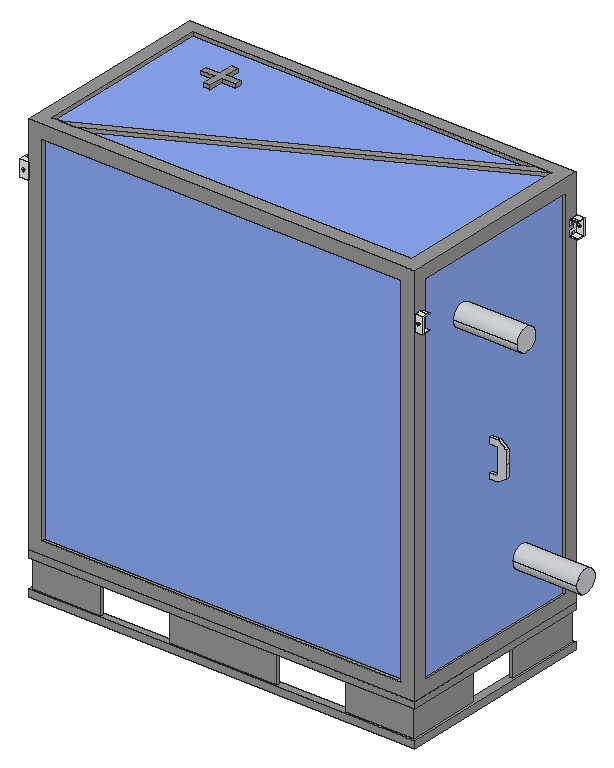
Revit family "7. Приточная секция рекуператора с пром. тепл. ANR G1", category Оборудование, Revit 2016
Family settings
  Тип детали = Нормальный
  Размер круглого соединителя = Использовать диаметр
  На основе рабочей плоскости = Нет
  Всегда вертикально = Да
  При загрузке вырезать с полостями = Нет
  Общий = Нет
  Точка расчета площади = Нет
Parameters (values of type "ANR 6 G1")
  значок [instance] = yes
  Ширина = А - 75 mm  # 1025 mm
  Синий = Синий
  Середина = h + Б1 / 2  # 670 mm
  Резьбовое соединение, дюймы = "G2 1/2''"
  Размер В = 710 mm
  И = 135 mm
  Заправочный объем, л = 27.20 m³
  Д1 = Д - 20 mm  # 555 mm
  Д патрубков = 63.5 mm
  Д = 575 mm  # constant formula
  ножки(да/нет) [instance] = no
  Г = 212 mm
  Высота = Б - 75 mm  # 1025 mm
  Б1 = Б - 20 mm  # 1080 mm
  А1 = А - 20 mm  # 1080 mm
  А = 1100 mm
  высота ножек = 120 mm
  Б = 1100 mm
  Частотный преобразователь [instance] = no
  Частота вращения n, об/мин = ""
  Тип, марка, обозначение = "ANR 6 G1"
  Сила тока J, А = ""
  Регулятор расхода [instance] = no
  Раздел = "ОВ"
  Примечание = ""
  Позиция = ""
  Напряжение U,В = ""
  Наименование и тех.хар-ка = "Приточная секция рекуператора с промежуточным теплоносителем"  # constant formula
  Мощность двигателя N,Вт = ""
  Материал = RAL 0000 Серый металл
  Масса единицы = ""
  Код, оборудования = ""
  Ключевая пометка = "Вентиляция"
  Задание электрикам [instance] = no
  Задание автоматчикам [instance] = no
  Завод изготовитель = "KORF"  # constant formula
  Единица измерения = "шт."  # constant formula
  h = высота ножек + 10 mm  # 130 mm
Types (8, lengths in mm): name | Ширина | Середина | Резьбовое соединение, дюймы | Размер В | И | Заправочный объем, л | Д патрубков | Г | Высота | Б1 | А1 | А | Б | Тип, марка, обозначение | Материал
  ANR 6 G1 | 1025 | 670 | "G2 1/2''" | 710 | 135 | 27.20 m³ | 63.5 | 212 | 1025 | 1080 | 1080 | 1100 | 1100 | "ANR 6 G1" | RAL 0000 Серый металл
  ANR 7 G1 | 1025 | 780 | "G3''" | 944 | 115 | 38.80 m³ | 76.2 | 212 | 1245 | 1300 | 1080 | 1100 | 1320 | "ANR 7 G1" | Сталь серая
  ANR 8 G1 | 1245 | 780 | "G3''" | 944 | 115 | 45.20 m³ | 76.2 | 212 | 1245 | 1300 | 1300 | 1320 | 1320 | "ANR 8 G1" | Сталь серая
  ANR 20 G1 | 1585 | 950 | "G3''" | 1294 | 115 | 84.30 m³ | 50.8 | 212 | 1585 | 1640 | 1640 | 1660 | 1660 | "ANR 20 G1" | Сталь серая
  ANR 25 G1 | 1970 | 1142.5 | "G4''" | 1653 | 115 | 48.60 m³ | 101.6 | 182 | 1970 | 2025 | 2025 | 2045 | 2045 | "ANR 25 G1" | Сталь серая
  ANR 30 G1 | 2410 | 1142.5 | "G4''" | 1653 | 115 | 149.30 m³ | 63.5 | 182 | 1970 | 2025 | 2465 | 2485 | 2045 | "ANR 30 G1" | Сталь серая
  ANR 35 G1 | 2410 | 1362.5 | "G4''" | 2095 | 115 | 188.10 m³ | 101.6 | 182 | 2410 | 2465 | 2465 | 2485 | 2485 | "ANR 35 G1" | Сталь серая
  ANR 12 G1 | 1360 | 837.5 | "G3''" | 1069 | 115 | 54.70 m³ | 76.2 | 212 | 1360 | 1415 | 1415 | 1435 | 1435 | "ANR 12 G1" | Сталь серая
Reference planes
  plane 1 "По центру (Вперед/Назад)": y = 0
  plane 2: z = 0
  plane 3 "По центру (Влево/Вправо)": x = 0
  plane 4: x = -540
  plane 5: x = 540
  plane 6: y = 277.5
  plane 7: y = -277.5
  plane 8: z = 1210
  plane 9: z = 130
  plane 10: y = -70.418
  plane 11: z = 670
  plane 12: z = 1110
  plane 13: x = 574.5
  plane 14: x = 590
  plane 15: z = 1025
  plane 16: z = 315
  plane 17: y = -106
  plane 18: y = 106
  plane 19: y = 70.418
  plane 20: x = 724
Forms (mm)
  Extrusion 1, solid, material "Синий" <- "Синий", detail levels fine
    sketch origin (0, 0, 50) x (1, 0, 0) y (0, 1, 0)
      loop
        line (-540, 277.5) -> (-540, -277.5) -> (540, -277.5) -> (540, 277.5) -> (-540, 277.5)
    from 80 to 1160
  Sweep 2, solid, material "RAL 0000 Серый металл" <- "Материал", detail levels fine
    path origin (540, -277.5, 50) x (-1, 0, 0) y (0, 0, -1)
      loop
        line (0, -1160) -> (1080, -1160) -> (1080, -80) -> (0, -80) -> (0, -1160)
    profile "Профиль уголок 10х10 : Профиль уголок 10х10" origin (0, -277.5, 1210) x (0, 0, -1) y (0, -1, 0)
      loop
        line (0, -27.5) -> (0, 0) -> (27.5, 0) -> (27.5, 10) -> (-10, 10) -> (-10, -27.5) -> (0, -27.5)
  Sweep 3, solid, material "RAL 0000 Серый металл" <- "Материал", detail levels fine
    path origin (-540, 277.5, 50) x (1, 0, 0) y (0, 0, -1)
      loop
        line (0, -1160) -> (1080, -1160) -> (1080, -80) -> (0, -80) -> (0, -1160)
    profile "Профиль уголок 10х10 : Профиль уголок 10х10" origin (0, 277.5, 1210) x (0, 0, -1) y (0, 1, 0)
      loop
        line (0, -27.5) -> (0, 0) -> (27.5, 0) -> (27.5, 10) -> (-10, 10) -> (-10, -27.5) -> (0, -27.5)
  Sweep 4, solid, material "RAL 0000 Серый металл" <- "Материал", detail levels fine
    path origin (540, 277.5, 50) x (0, -1, 0) y (0, 0, -1)
      loop
        line (0, -1160) -> (555, -1160) -> (555, -80) -> (0, -80) -> (0, -1160)
    profile "Профиль уголок 10х10 : Профиль уголок 10х10" origin (540, 0, 1210) x (0, 0, -1) y (1, 0, 0)
      loop
        line (0, -27.5) -> (0, 0) -> (27.5, 0) -> (27.5, 10) -> (-10, 10) -> (-10, -27.5) -> (0, -27.5)
  Sweep 5, solid, material "RAL 0000 Серый металл" <- "Материал", detail levels fine
    path origin (-540, -277.5, 50) x (0, 1, 0) y (0, 0, -1)
      loop
        line (0, -1160) -> (555, -1160) -> (555, -80) -> (0, -80) -> (0, -1160)
    profile "Профиль уголок 10х10 : Профиль уголок 10х10" origin (-540, 0, 1210) x (0, 0, -1) y (-1, 0, 0)
      loop
        line (0, -27.5) -> (0, 0) -> (27.5, 0) -> (27.5, 10) -> (-10, 10) -> (-10, -27.5) -> (0, -27.5)
  Extrusion 6, void, not visible
    sketch origin (-345, -245, 50) x (0, -1, 0) y (0, 0, -1)
      loop
        line (-477.965, -475) -> (-477.965, -450) -> (-528.913, -450) -> (-528.913, -475) -> (-477.965, -475)
    from -47.452 to 12
  Sweep 7, solid, material "RAL 0000 Серый металл" <- "Материал", detail levels fine
    path origin (0, 0, 0) x (1, 0, 0) y (0, 1, 0)
      loop
        line (-540, 277.5) -> (-540, -277.5) -> (540, -277.5) -> (540, 277.5) -> (-540, 277.5)
    profile "Семейство1 : Семейство1" origin (0, 277.5, 0) x (0, 1, 0) y (0, 0, 1)
      loop
        line (-10, 120) -> (-10, 100) -> (-3.38, 100) -> (-3.38, 20) -> (-10, 20) -> (-10, 0) -> (10, 0) -> (10, 20) -> (3.38, 20) -> (3.38, 100) -> (10, 100) -> (10, 120) -> (-10, 120)
  Extrusion 8, void
    sketch origin (0, 0, 0) x (1, 0, 0) y (0, 0, 1)
      loop
        line (152.369, 100) -> (152.369, 20) -> (348.798, 20) -> (348.798, 100) -> (152.369, 100)
      loop
        line (-152.369, 100) -> (-348.798, 100) -> (-348.798, 20) -> (-152.369, 20) -> (-152.369, 100)
    from -287.5 to 287.5
  Extrusion 9, void
    sketch origin (0, 0, 0) x (0, 1, 0) y (0, 0, 1)
      loop
        line (-70.418, 100) -> (-70.418, 20) -> (70.418, 20) -> (70.418, 100) -> (-70.418, 100)
    from -550 to 1700
  Extrusion 10, solid, detail levels fine
    sketch origin (0, -0.301, -57.057) x (0, 1, 0) y (0, 0, 1)
      loop
        circle (-106, 1082.5) r 31.75
    from 540 to 724
  Extrusion 11, solid, detail levels fine
    sketch origin (0, 95.79, -1039.72) x (0, 1, 0) y (0, 0, 1)
      loop
        circle (9.689, 1355.365) r 31.75
    from 540 to 724
  Extrusion 12, solid, material "RAL 0000 Серый металл" <- "Материал", visible <- "значок", detail levels fine
    sketch origin (10, 0, 0) x (1, 0, 0) y (0, 1, 0)
      loop
        line (-499.847, -250) -> (-457.663, -250) -> (498.859, 250) -> (456.674, 250) -> (-499.847, -250)
      loop
        line (-398.202, 143.277) -> (-398.202, 125.413) -> (-358.202, 125.413) -> (-358.202, 85.413) -> (-340.804, 85.413) -> (-340.804, 125.413) -> (-300.804, 125.413) -> (-300.804, 143.277) -> (-340.804, 143.277) -> (-340.804, 183.277) -> (-358.202, 183.277) -> (-358.202, 143.277) -> (-398.202, 143.277)
    from 779.565 to 1220
  Extrusion 13, solid, detail levels coarse
    sketch origin (0, 0, 0) x (1, 0, 0) y (0, 1, 0)
      loop
        line (-348.202, 183.277) -> (-348.202, 143.277) -> (-388.202, 143.277) -> (-388.202, 125.413) -> (-348.202, 125.413) -> (-348.202, 85.413) -> (-330.804, 85.413) -> (-330.804, 125.413) -> (-290.804, 125.413) -> (-290.804, 143.277) -> (-330.804, 143.277) -> (-330.804, 183.277) -> (-348.202, 183.277)
    from 0 to 2
Cuts and joins
  joined: Sweep 2, Sweep 3, Sweep 4, Sweep 5
  Extrusion 8, Extrusion 9 cuts Sweep 7
Lines and regions (mm)
  model lines, detail levels coarse
    curve 1: line (-550, 287.5, 0) -> (550, 287.5, 0)
    curve 2: line (-550, -287.5, 0) -> (-550, 287.5, 0)
    curve 3: line (550, -287.5, 0) -> (-550, -287.5, 0)
    curve 4: line (550, 287.5, 0) -> (550, -287.5, 0)
    curve 5: line (-348.202, 183.277, 0) -> (-348.202, 143.277, 0)
    curve 6: line (-348.202, 143.277, 0) -> (-388.202, 143.277, 0)
    curve 7: line (-388.202, 143.277, 0) -> (-388.202, 125.413, 0)
    curve 8: line (-388.202, 125.413, 0) -> (-348.202, 125.413, 0)
    curve 9: line (-348.202, 125.413, 0) -> (-348.202, 85.413, 0)
    curve 10: line (-348.202, 85.413, 0) -> (-330.804, 85.413, 0)
    curve 11: line (-330.804, 85.413, 0) -> (-330.804, 125.413, 0)
    curve 12: line (-330.804, 125.413, 0) -> (-290.804, 125.413, 0)
    curve 13: line (-290.804, 125.413, 0) -> (-290.804, 143.277, 0)
    curve 14: line (-290.804, 143.277, 0) -> (-330.804, 143.277, 0)
    curve 15: line (-330.804, 143.277, 0) -> (-330.804, 183.277, 0)
    curve 16: line (-330.804, 183.277, 0) -> (-348.202, 183.277, 0)
    curve 17: line (-550, -287.5, 0) -> (550, 287.5, 0)
Dimensions and locks
  equal spacing: plane 6, plane 1 "По центру (Вперед/Назад)", plane 7
  "Д1": plane 6 to plane 7
  equal spacing: plane 4, plane 3 "По центру (Влево/Вправо)", plane 5
  "А1": plane 4 to plane 5
  "h": plane 9 to level
  "Б1": plane 8 to plane 9
  cut or joined group of Sweep 2, Sweep 3, Sweep 4, Sweep 5 to level = 120 mm
  locked: plane 3 "По центру (Влево/Вправо)" to cut or joined group of Sweep 7, Extrusion 8, Extrusion 9 at 152.369
  locked: cut or joined group of Sweep 7, Extrusion 8, Extrusion 9 to plane 3 "По центру (Влево/Вправо)" at 152.369
  "Середина": plane 11 to level
  locked: plane 8 to plane 12 at 100
  locked: plane 14 to plane 5 at 50
  plane 1 "По центру (Вперед/Назад)" to plane 7 = 277.5 mm
  plane 6 to plane 1 "По центру (Вперед/Назад)" = 277.5 mm
  equal spacing: plane 15, plane 11, plane 16
  "Размер В": plane 15 to plane 16
  "Г": plane 17 to plane 18
  equal spacing: plane 10, plane 1 "По центру (Вперед/Назад)", plane 19, locked at 70.418 each
  locked: plane 20 to plane 5 at 184
  equal spacing: plane 17, plane 1 "По центру (Вперед/Назад)", plane 18
  "Д патрубков": diameter of Extrusion 10 sketch curve
  "Д патрубков": diameter of Extrusion 11 sketch curve
  aligned and locked: level to plane 2
  aligned and locked: plane 6 to Extrusion 1
  aligned and locked: plane 5 to Extrusion 1
  aligned and locked: Extrusion 1 to plane 7
  aligned and locked: Extrusion 1 to plane 4
  aligned and locked: plane 8 to Extrusion 1
  aligned and locked: Extrusion 1 to plane 9
  aligned and locked: Sweep 4 sketch curve to Extrusion 1  (x2)
  aligned and locked: Sweep 5 sketch curve to Extrusion 1  (x2)
  aligned and locked: Sweep 7 sketch curve to Extrusion 1  (x4)
  aligned and locked: Sweep 7 to Extrusion 8  (x2)
  aligned and locked: cut or joined group of Sweep 2, Sweep 3, Sweep 4, Sweep 5 to Extrusion 9
  aligned and locked: nested 3 to cut or joined group of Sweep 2, Sweep 3, Sweep 4, Sweep 5  (x2)
  aligned and locked: plane 12 to nested 3
  aligned and locked: nested 4 to plane 12
  aligned and locked: cut or joined group of Sweep 2, Sweep 3, Sweep 4, Sweep 5 to nested 4  (x2)
  aligned and locked: cut or joined group of Sweep 2, Sweep 3, Sweep 4, Sweep 5 to nested 3
  aligned and locked: cut or joined group of Sweep 2, Sweep 3, Sweep 4, Sweep 5 to nested 6
  aligned and locked: nested 5 to cut or joined group of Sweep 2, Sweep 3, Sweep 4, Sweep 5
  aligned and locked: plane 12 to nested 6
  aligned and locked: nested 5 to plane 12
  aligned and locked: nested 2 to plane 14
  aligned and locked: nested 6 to cut or joined group of Sweep 2, Sweep 3, Sweep 4, Sweep 5
  aligned and locked: cut or joined group of Sweep 2, Sweep 3, Sweep 4, Sweep 5 to nested 5
  aligned and locked: plane 1 "По центру (Вперед/Назад)" to nested 2
  aligned and locked: plane 10 to Extrusion 9 sketch curve
  aligned and locked: plane 19 to Extrusion 9 sketch curve
  aligned and locked: Extrusion 10 to plane 5
  aligned and locked: Extrusion 11 to plane 5
  aligned and locked: nested 2 to plane 11
  aligned and locked: plane 20 to Extrusion 10
  aligned and locked: plane 20 to Extrusion 11
  aligned and locked: nested 7 to plane 9
  aligned and locked: cut or joined group of Sweep 2, Sweep 3, Sweep 4, Sweep 5 to Extrusion 12
  aligned and locked: curve 1 to cut or joined group of Sweep 2, Sweep 3, Sweep 4, Sweep 5
  aligned and locked: curve 2 to cut or joined group of Sweep 2, Sweep 3, Sweep 4, Sweep 5
  aligned and locked: curve 3 to cut or joined group of Sweep 7, Extrusion 8, Extrusion 9
  aligned and locked: curve 4 to cut or joined group of Sweep 2, Sweep 3, Sweep 4, Sweep 5
  aligned and locked: curve 5 to Extrusion 12
  aligned and locked: curve 6 to Extrusion 12
  aligned and locked: curve 7 to Extrusion 12
  aligned and locked: curve 8 to Extrusion 12
  aligned and locked: curve 9 to Extrusion 12
  aligned and locked: curve 10 to Extrusion 12
  aligned and locked: curve 11 to Extrusion 12
  aligned and locked: curve 12 to Extrusion 12
  aligned and locked: curve 13 to Extrusion 12
  aligned and locked: curve 14 to Extrusion 12
  aligned and locked: curve 15 to Extrusion 12
  aligned and locked: curve 16 to Extrusion 12
Automatic sketch dimensions
  Extrusion 6 sketch curve to Extrusion 6 sketch curve = 50.949 mm
  Extrusion 6 sketch curve to Extrusion 6 sketch curve = 25 mm
  Extrusion 1 sketch curve to plane 4 = 0 mm
  Extrusion 1 sketch curve to plane 5 = 0 mm
  Extrusion 1 sketch curve to plane 7 = 0 mm
  Extrusion 1 sketch curve to plane 6 = 0 mm
  Sweep 2 sketch curve to Extrusion 1 = 0 mm  (x4)
  Sweep 3 sketch curve to Extrusion 1 = 0 mm  (x3)
  Extrusion 1 to Sweep 3 sketch curve = 0 mm
  Sweep 4 sketch curve to Extrusion 1 = 0 mm  (x2)
  Sweep 5 sketch curve to Extrusion 1 = 0 mm  (x2)
  Extrusion 8 sketch curve to plane 9 = 30 mm  (x2)
  plane 4 to Extrusion 8 sketch curve = 191.202 mm
  level to Extrusion 8 sketch curve = 20 mm  (x2)
  Extrusion 8 sketch curve to plane 3 "По центру (Влево/Вправо)" = 152.369 mm
  plane 3 "По центру (Влево/Вправо)" to Extrusion 8 sketch curve = 152.369 mm
  Extrusion 8 sketch curve to plane 5 = 191.202 mm
  level to Extrusion 9 sketch curve = 20 mm
  Extrusion 9 sketch curve to plane 9 = 30 mm
  plane 4 to Extrusion 12 sketch curve = 50.153 mm
  Extrusion 12 sketch curve to Extrusion 12 sketch curve = 42.185 mm
  Extrusion 12 sketch curve to plane 18 = 19.413 mm  (x2)
  plane 4 to Extrusion 12 sketch curve = 191.798 mm
  Extrusion 12 sketch curve to Extrusion 12 sketch curve = 0 mm  (x2)
  Extrusion 12 sketch curve to Extrusion 12 sketch curve = 17.399 mm  (x2)
  Extrusion 12 sketch curve to Extrusion 12 sketch curve = 40 mm  (x3)
  Extrusion 12 sketch curve to plane 6 = 27.5 mm
  Extrusion 12 sketch curve to plane 5 = 73.326 mm
  Extrusion 12 sketch curve to plane 5 = 31.141 mm
  plane 18 to Extrusion 12 sketch curve = 20.587 mm
  plane 7 to Extrusion 12 sketch curve = 27.5 mm
  Extrusion 12 sketch curve to Extrusion 12 sketch curve = 17.864 mm
  Extrusion 13 sketch curve to plane 18 = 19.413 mm  (x2)
  plane 4 to Extrusion 13 sketch curve = 151.798 mm
  Extrusion 13 sketch curve to Extrusion 13 sketch curve = 40 mm  (x3)
  Extrusion 13 sketch curve to Extrusion 13 sketch curve = 0 mm  (x2)
  Extrusion 13 sketch curve to Extrusion 13 sketch curve = 17.399 mm  (x2)
  plane 18 to Extrusion 13 sketch curve = 20.587 mm
  Extrusion 13 sketch curve to Extrusion 13 sketch curve = 17.864 mm
  Extrusion 10 sketch curve to plane 17 = 0.301 mm
  plane 15 to Extrusion 10 sketch curve = 0.443 mm
  plane 18 to Extrusion 11 sketch curve = 0.521 mm
  plane 16 to Extrusion 11 sketch curve = 0.645 mm
Nested families
  nested 1: "крепление 15мм" at (-330, 229.965, 495), type "крепление 15мм", not visible
  nested 2: "Ручка" at (552.018, -10, 621.108), type "Ручка", detail levels fine
  nested 3: "крепеж" at (574.5, -287.5, 1065.175) x (-1, 0, 0) z (0, 0, 1), type "крепеж", detail levels fine
  nested 4: "крепеж" at (574.5, 287.5, 1065.175) x (-1, 0, 0) z (0, 0, 1), type "крепеж", detail levels fine
  nested 5: "крепеж" at (-574.5, -287.5, 1065.175), type "крепеж", detail levels fine
  nested 6: "крепеж" at (-574.5, 287.5, 1065.175), type "крепеж", detail levels fine
  nested 7: "УГО рекуператор с пром.(разрез)" at (0, 0, 130) x (0, 1, 0) z (0, 0, 1), длина <- "Д1", высота <- "Б1", type "УГО рекуператор с пром.(разрез)", detail levels medium
    with длина 555 mm, высота 1080 mm, Ширина 0 mm
Connectors
  hvac at (0, -287.5, 670), driven by "Высота", driven by "Ширина"
    settings: on cut or joined group of Sweep 2, Sweep 3, Sweep 4, Sweep 5, index 1, duct flow 0.0 L/s, flow factor 0, pres drop 0.0 Pa, loss coef 0, conn angle 0.00°, conn width 1025 mm, conn height 1025 mm, conn diameter 609.6 mm, duct sys type 28, conn prof type 1, flow config 0, flow direction 0, loss method 0, conn ref index -1, conn util no, is conn primary yes, conn desc ""
  hvac at (0, 287.5, 670), driven by "Высота", driven by "Ширина"
    settings: on cut or joined group of Sweep 2, Sweep 3, Sweep 4, Sweep 5, index 2, duct flow 0.0 L/s, flow factor 0, pres drop 0.0 Pa, loss coef 0, conn angle 0.00°, conn width 1025 mm, conn height 1025 mm, conn diameter 609.6 mm, duct sys type 28, conn prof type 1, flow config 0, flow direction 0, loss method 0, conn ref index -1, conn util no, is conn primary no, conn desc ""
  piping at (724, -106.301, 1025.443), diameter 63.5, driven by "Д патрубков"
    settings: on Extrusion 10, index 3, connector inside diameter 609.6 mm, connector length 0 mm, flow factor 0, pipe flow 0.0 L/s, pressure drop 0.0 Pa, fitting loss kfactor 0, connector angle 0.00°, fixture units 0, engagement length 0 mm, angle of deflection 0.00°, flow configuration 0, flow direction 0, fitting loss method 0, system type 28, joint type 0, gender type 0, connector reference index -1, connector utility 0, adjustable connector no, is connector primary yes, connector description ""
  piping at (724, 105.479, 315.645), diameter 63.5, driven by "Д патрубков"
    settings: on Extrusion 11, index 4, connector inside diameter 609.6 mm, connector length 0 mm, flow factor 0, pipe flow 0.0 L/s, pressure drop 0.0 Pa, fitting loss kfactor 0, connector angle 0.00°, fixture units 0, engagement length 0 mm, angle of deflection 0.00°, flow configuration 0, flow direction 0, fitting loss method 0, system type 28, joint type 0, gender type 0, connector reference index -1, connector utility 0, adjustable connector no, is connector primary no, connector description ""
Definition of nested family "крепление 15мм"
  Parameters (values of type "крепление 15мм")
    Материал крепления = none
  Reference planes
    plane 1 "По центру (Вперед/Назад)": y = 0
    plane 2: z = 0
    plane 3 "По центру (Влево/Вправо)": x = 0
  Forms (mm)
    Extrusion 1, solid, material <- "Материал крепления"
      sketch origin (0, 0, 0) x (1, 0, 0) y (0, 1, 0)
        loop
          line (-25, 0) -> (0, 0) -> (0, 18.31) -> (0, 25) -> (-3, 25) -> (-3, 3) -> (-25, 3) -> (-25, 0)
      from 0 to 30
    Extrusion 2, void
      sketch origin (0, 0, 0) x (1, 0, 0) y (0, 1, 0)
        loop
          line (-3, 3) -> (-3, 54.96) -> (-58, 54.96) -> (-58, 3) -> (-3, 3)
      from 0 to 15
  Cuts and joins
    Extrusion 2 cuts Extrusion 1
  Dimensions and locks
    Extrusion 1 sketch curve to Extrusion 1 sketch curve = 3 mm  (x2)
    Extrusion 1 sketch curve to Extrusion 1 sketch curve to plane 3 "По центру (Влево/Вправо)" = 25 mm, 0 mm
    Extrusion 1 sketch curve to Extrusion 1 sketch curve = 25 mm
    aligned and locked: level to plane 2
Definition of nested family "Ручка"
  Parameters (values of type "Ручка")
    материал ручки = none
  Reference planes
    plane 1 "По центру (Вперед/Назад)": y = 0
    plane 2: z = 0
    plane 3 "По центру (Влево/Вправо)": x = 0
    plane 4: x = -37.982
    plane 5: x = 37.982
  Forms (mm)
    Extrusion 1, solid, material <- "материал ручки", not visible
      sketch origin (-3.982, 0, -4.834) x (0, 0, 1) y (-1, 0, 0)
        loop
          line (-52.874, -42.815) -> (53.726, -42.815) -> (53.726, 8.783) -> (36.069, 34) -> (1.069, 34) -> (-36.069, 34) -> (-52.874, 10) -> (-52.874, -42.815)
      from 0 to 10
    Extrusion 2, void, not visible
      sketch origin (-3.982, 0, -4.834) x (0, 0, 1) y (-1, 0, 0)
        loop
          line (-37.219, -42.815) -> (37.781, -42.815) -> (37.781, 20.04) -> (-37.219, 20.04) -> (-37.219, -42.815)
      from 0 to 50
    Extrusion 3, solid, material <- "материал ручки"
      sketch origin (3.982, 0, -4.834) x (0, 0, 1) y (-1, 0, 0)
        loop
          line (-52.874, 42.815) -> (-52.874, -10) -> (-36.069, -34) -> (1.069, -34) -> (36.069, -34) -> (53.726, -8.783) -> (53.726, 42.815) -> (-52.874, 42.815)
      from 0 to 10
    Extrusion 4, void
      sketch origin (3.982, 0, -4.834) x (0, 0, 1) y (-1, 0, 0)
        loop
          line (-37.219, 42.815) -> (-37.219, -11.018) -> (37.781, -11.018) -> (37.781, 42.815) -> (-37.219, 42.815)
      from 0 to 50
  Cuts and joins
    Extrusion 4 cuts Extrusion 3
  Dimensions and locks
    aligned and locked: level to plane 2
Definition of nested family "крепеж"
  Parameters (values of type "крепеж")
    Материал крепежа = none
  Reference planes
    plane 1 "По центру (Вперед/Назад)": y = 0
    plane 2: z = 0
    plane 3 "По центру (Влево/Вправо)": x = 0
    plane 4: x = 24.5
    plane 5: z = 22.413
  Forms (mm)
    Extrusion 1, solid, material <- "Материал крепежа"
      sketch origin (0, 0, 0) x (0, 1, 0) y (0, 0, 1)
        loop
          line (0, 44.825) -> (-16.343, 44.825) -> (-24.468, 44.825) -> (-24.468, 42.95) -> (-1.968, 42.95) -> (-1.968, 1.657) -> (-24.468, 1.657) -> (-24.468, 0) -> (-16.343, 0) -> (0, 0) -> (0, 44.825)
      from 0 to 24.5
    Extrusion 2, void
      sketch origin (0.625, 0, -0.625) x (1, 0, 0) y (0, 0, 1)
        loop
          circle (11.121, 22.873) r 5
      from 0 to 250
    Extrusion 3, solid, material <- "Материал крепежа"
      sketch origin (0, 0, 0.175) x (1, 0, 0) y (0, 0, 1)
        loop
          line (24.5, 44.651) -> (22.651, 44.651) -> (22.651, -0.175) -> (24.5, -0.175) -> (24.5, 44.651)
      from 0 to 24.468
    Extrusion 4, void
      sketch origin (0, 0, 0) x (0, 1, 0) y (0, 0, 1)
        loop
          line (-24.468, 28.943) -> (-24.468, 15.882) -> (-9.468, 15.882) -> (-9.468, 28.943) -> (-24.468, 28.943)
      from 0 to 250
    Blend 5, solid
      base sketch origin (0, 0, 0) x (0, 1, 0) y (0, 0, 1)
        loop
          circle (-15.104, 36.823) r 4.161
      top sketch origin (0, 0, 0) x (0, 1, 0) y (0, 0, 1)
        loop
          circle (-15.104, 36.823) r 2.994
      from 22.651 to 19.241
    Blend 6, solid
      base sketch origin (0, 0, 44.825) x (0, 1, 0) y (0, 0, 1)
        loop
          circle (-15.104, -36.823) r 4.161
      top sketch origin (0, 0, 44.825) x (0, 1, 0) y (0, 0, 1)
        loop
          circle (-15.104, -36.823) r 2.994
      from 22.651 to 19.241
  Cuts and joins
    Extrusion 2, Extrusion 4 cuts Extrusion 1
    Extrusion 4 cuts Extrusion 3
    joined: Extrusion 1, Extrusion 3
  Dimensions and locks
    plane 3 "По центру (Влево/Вправо)" to plane 4 = 24.5 mm
    equal spacing: cut or joined group of Extrusion 1, Extrusion 2, Extrusion 3, Extrusion 4, plane 5, cut or joined group of Extrusion 1, Extrusion 2, Extrusion 3, Extrusion 4
    equal spacing: Extrusion 4 sketch curve, plane 5, Extrusion 4 sketch curve
    aligned and locked: level to plane 2
    aligned and locked: plane 4 to Extrusion 1
    aligned and locked: cut or joined group of Extrusion 1, Extrusion 2, Extrusion 3, Extrusion 4 to cut or joined group of Extrusion 1, Extrusion 2, Extrusion 3, Extrusion 4  (x3)
    aligned and locked: cut or joined group of Extrusion 1, Extrusion 2, Extrusion 3, Extrusion 4 to Blend 5
  Automatic sketch dimensions
    Extrusion 1 sketch curve to level = 0 mm
    Extrusion 1 sketch curve to plane 1 "По центру (Вперед/Назад)" = 0 mm
    plane 1 "По центру (Вперед/Назад)" to Extrusion 1 sketch curve = 1.968 mm
    Extrusion 1 sketch curve to Extrusion 1 sketch curve = 14.375 mm  (x2)
    level to Extrusion 1 sketch curve = 1.657 mm
    Extrusion 1 sketch curve to Extrusion 1 sketch curve = 8.125 mm  (x2)
    plane 5 to Extrusion 1 sketch curve = 20.538 mm
    Extrusion 1 sketch curve to Extrusion 1 sketch curve = 1.875 mm
    Extrusion 2 sketch curve to plane 5 = 0.165 mm
    plane 3 "По центру (Влево/Вправо)" to Extrusion 2 sketch curve = 11.746 mm
    Extrusion 3 sketch curve to level = 0 mm
    Extrusion 3 sketch curve to plane 4 = 0 mm
    Extrusion 3 sketch curve to Extrusion 3 sketch curve = 1.849 mm
    plane 5 to Extrusion 3 sketch curve = 22.413 mm
    Extrusion 4 sketch curve to plane 5 = 6.531 mm
    plane 1 "По центру (Вперед/Назад)" to Extrusion 4 sketch curve = 24.468 mm
    plane 1 "По центру (Вперед/Назад)" to Extrusion 4 sketch curve = 9.468 mm
    plane 1 "По центру (Вперед/Назад)" to Blend 5 sketch curve = 15.104 mm  (x2)
    plane 5 to Blend 5 sketch curve = 14.41 mm  (x2)
    Blend 6 sketch curve to plane 1 "По центру (Вперед/Назад)" = 15.104 mm  (x2)
    Blend 6 sketch curve to level = 8.002 mm  (x2)
    radius of Extrusion 2 sketch curve = 5 mm
    radius of Blend 5 sketch curve = 4.161 mm
    radius of Blend 5 sketch curve = 2.994 mm
    radius of Blend 6 sketch curve = 4.161 mm
    radius of Blend 6 sketch curve = 2.994 mm
Definition of nested family "УГО рекуператор с пром.(разрез)"
  Parameters (values of type "УГО рекуператор с пром.(разрез)")
    длина [instance] = 550.75 mm
    высота [instance] = 893.344 mm
    Ширина [instance] = 410 mm
    Частота вращения n, об/мин = ""
    Тип, марка, обозначение = ""
    Сила тока J, А = ""
    Раздел = ""
    Примечание = ""
    Позиция = ""
    Default Elevation = 1219.2 mm
    Напряжение U,В = ""
    Наименование и тех.хар-ка = ""
    Мощность двигателя N,Вт = ""
    Материал = none
    Масса единицы = ""
    Код, оборудования = ""
    Keynote = ""
    Завод изготовитель = ""
    Единица измерения = ""
    Диаметр = 110 mm
  Reference planes
    plane 1 "По центру (Вперед/Назад)": y = 0
    plane 2: z = 0
    plane 3 "По центру (Влево/Вправо)": x = 0
    plane 4: z = 893.344
    plane 5: x = 275.375
    plane 6: x = -275.375
    plane 7: z = 446.672
  Lines and regions (mm)
    model lines
      curve 1: line (-275.375, 0, 0) -> (275.375, 0, 0)
      curve 2: line (-275.375, 0, 893.344) -> (-275.375, 0, 0)
      curve 3: line (275.375, 0, 893.344) -> (-275.375, 0, 893.344)
      curve 4: line (275.375, 0, 0) -> (275.375, 0, 893.344)
      curve 5: line (-275.375, 0, 0) -> (275.375, 0, 893.344)
  Dimensions and locks
    equal spacing: plane 5, plane 3 "По центру (Влево/Вправо)", plane 6
    "длина": plane 5 to plane 6
    "высота": plane 4 to level
    equal spacing: plane 4, plane 7, plane 2
    locked: text3d elem to plane 6 at 150.074
    locked: plane 4 to text3d elem at 149.933
    aligned and locked: level to plane 2
  Automatic sketch dimensions
    curve 5 to level = 0 mm
    curve 5 to plane 6 = 0 mm
    curve 3 to plane 4 = 0 mm
    curve 3 to plane 5 = 0 mm
